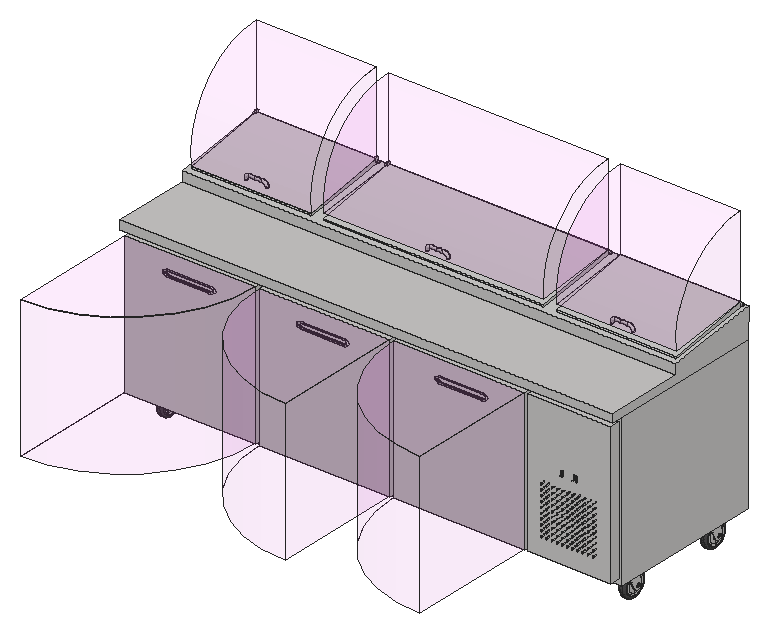
Revit family "QF_Kelvinator_738254_KCHPT92.12", category Specialty Equipment, Revit 2021 (continued)
Definition of nested family "KCHPT"
  Forms (in)
    Sweep 42, solid
      path origin (8.15263, -29.19996, 32.23218) x (0, 0, -1) y (1, 0, 0)
        loop
          line (2.82291, 34.44693) -> (2.48479, 34.98793)
          arc (2.48479, 34.98793) -> (2.38541, 35.04301) -> (2.28604, 34.98793) r 0.11719
          line (2.28604, 34.98793) -> (1.94791, 34.44693) -> (1.94791, 26.10318) -> (2.28462, 25.56446)
          arc (2.28462, 25.56446) -> (2.38541, 25.50859) -> (2.48621, 25.56446) r 0.11887
          line (2.48621, 25.56446) -> (2.82291, 26.10318) -> (2.82291, 34.44693)
      profile origin (38.42768, -29.19996, 29.40927) x (0, 0, -1) y (0, -1, 0)
        loop
          line (0, 2.8) -> (0.25, 2.8)
          arc (0.25, 2.8) -> (0.125, 2.85269) -> (0, 2.8) r 0.17461
    Sweep 43, solid
      path origin (34.65263, -29.19996, 32.23218) x (0, 0, -1) y (1, 0, 0)
        loop
          line (2.82291, 34.45318) -> (2.48479, 34.99418)
          arc (2.48479, 34.99418) -> (2.38541, 35.04926) -> (2.28604, 34.99418) r 0.11719
          line (2.28604, 34.99418) -> (1.94791, 34.45318) -> (1.94791, 26.10318) -> (2.28462, 25.56446)
          arc (2.28462, 25.56446) -> (2.38541, 25.50859) -> (2.48621, 25.56446) r 0.11887
          line (2.48621, 25.56446) -> (2.82291, 26.10318) -> (2.82291, 34.45318)
      profile origin (64.93081, -29.19996, 29.40927) x (0, 0, -1) y (0, -1, 0)
        loop
          line (0, 2.8) -> (0.25, 2.8)
          arc (0.25, 2.8) -> (0.125, 2.85269) -> (0, 2.8) r 0.17461
    Extrusion 44, void
      sketch origin (8.15263, -31.99996, 32.23218) x (0, 0, 1) y (1, 0, 0)
        loop
          line (-1.94791, 26.10318) -> (-1.94791, 34.44693) -> (-2.28604, 34.98793)
          arc (-2.28604, 34.98793) -> (-2.38541, 35.04301) -> (-2.48479, 34.98793) r 0.11719
          line (-2.48479, 34.98793) -> (-2.82291, 34.44693) -> (-2.82291, 26.10318) -> (-2.48621, 25.56446)
          arc (-2.48621, 25.56446) -> (-2.38541, 25.50859) -> (-2.28462, 25.56446) r 0.11887
          line (-2.28462, 25.56446) -> (-1.94791, 26.10318)
      from 0 to 0.31887
    Extrusion 45, void
      sketch origin (34.65263, -31.99996, 32.23218) x (0, 0, 1) y (1, 0, 0)
        loop
          line (-1.94791, 26.10318) -> (-1.94791, 34.45318) -> (-2.28604, 34.99418)
          arc (-2.28604, 34.99418) -> (-2.38541, 35.04926) -> (-2.48479, 34.99418) r 0.11719
          line (-2.48479, 34.99418) -> (-2.82291, 34.45318) -> (-2.82291, 26.10318) -> (-2.48621, 25.56446)
          arc (-2.48621, 25.56446) -> (-2.38541, 25.50859) -> (-2.28462, 25.56446) r 0.11887
          line (-2.28462, 25.56446) -> (-1.94791, 26.10318)
      from 0 to 0.31887
    Extrusion 46, solid, visible <- "Show Clearance"
      sketch origin (0.80534, 0, 0) x (0, -1, 0) y (0, 0, 1)
        loop
          line (0.74307, 40.99337) -> (16.15625, 38.30126)
          arc (16.15625, 38.30126) -> (12.72088, 51.06043) -> (0.74307, 56.63989) r 15.64652
          line (0.74307, 56.63989) -> (0.74307, 40.99337)
      from 0 to -22.9
    Extrusion 47, solid, visible <- "Show Clearance"
      sketch origin (93.39466, 0, 0) x (0, -1, 0) y (0, 0, -1)
        loop
          line (0.73136, -40.92452) -> (0.73136, -56.45206)
          arc (0.73136, -56.45206) -> (12.32408, -51.25474) -> (16.15625, -39.14203) r 15.52754
          line (16.15625, -39.14203) -> (0.73136, -40.92452)
      from 0 to -22.9
    Extrusion 48, solid, visible <- "Show Clearance"
      sketch origin (48.89284, 0, 0) x (0, -1, 0) y (0, 0, -1)
        loop
          line (0.73136, -40.92452) -> (0.73136, -56.45206)
          arc (0.73136, -56.45206) -> (12.32408, -51.25474) -> (16.15625, -39.14203) r 15.52754
          line (16.15625, -39.14203) -> (0.73136, -40.92452)
      from 19.2 to -22.9
    Extrusion 49, solid, visible <- "Show Clearance"
      sketch origin (25.64679, -30.25, 6.4809) x (0, 1, 0) y (1, 0, 0)
        loop
          arc (-1.75, 0) -> (-19.42767, -7.32233) -> (-26.75, -25) r 25
          line (-26.75, -25) -> (-1.75, -25) -> (-1.75, 0)
        loop
          line (-1.75, 25.69547) -> (-26.75, 25.69547)
          arc (-26.75, 25.69547) -> (-19.42767, 8.0178) -> (-1.75, 0.69547) r 25
          line (-1.75, 0.69547) -> (-1.75, 25.69547)
        loop
          line (-1.75, 51.39547) -> (-26.75, 51.39547)
          arc (-26.75, 51.39547) -> (-19.42767, 33.7178) -> (-1.75, 26.39547) r 25
          line (-1.75, 26.39547) -> (-1.75, 51.39547)
      from 0 to -26.9
  Cuts and joins
    joined: Extrusion 4, Extrusion 5, Revolve 6, Sweep 7
    Extrusion 11 cuts Extrusion 8
    Extrusion 12 cuts Extrusion 2
    joined: Extrusion 14, Extrusion 15, Extrusion 16, Revolve 17, Revolve 18, Sweep 19
    Extrusion 32, Extrusion 44 cuts Extrusion 28
    Extrusion 44, Extrusion 45 cuts Extrusion 34
    Extrusion 45 cuts Extrusion 38
  Lines and regions (in)
    symbolic lines
      curve 1: line (0, 0, 0) -> (0, -32.3125, 0)
      curve 2: line (0, -17.4, 0) -> (94.1875, -17.4, 0)
      curve 3: line (94.1875, -32.3125, 0) -> (94.1875, 0, 0)
      curve 4: line (94.1875, 0, 0) -> (0, 0, 0)
      curve 5: line (0, -32.3125, 0) -> (94.1875, -32.3125, 0)
      curve 6: line (0.80534, -16.65751, 0) -> (23.70534, -16.65751, 0)
      curve 7: line (0.80534, -16.15625, 0) -> (23.70534, -16.15625, 0)
      curve 8: line (0.80534, -0.97488, 0) -> (0.80534, -16.65751, 0)
      curve 9: line (23.70534, -16.65751, 0) -> (23.70534, -0.97488, 0)
      curve 10: line (0.6648, -0.93994, 0) -> (0.94588, -0.93994, 0)
      curve 11: line (0.6648, -0.88039, 0) -> (0.94588, -0.88039, 0)
      curve 12: line (0.6648, -0.58362, 0) -> (0.94588, -0.58362, 0)
      curve 13: line (0.6648, -0.48188, 0) -> (0.94588, -0.48188, 0)
      curve 14: line (0.94588, -0.97488, 0) -> (0.94588, -0.34814, 0)
      curve 15: line (0.6648, -0.34814, 0) -> (0.6648, -0.97818, 0)
      curve 16: line (23.5648, -0.73136, 0) -> (0.94588, -0.73136, 0)
      curve 17: line (0.2849, -0.62438, 0) -> (0.2849, -0.92764, 0)
      curve 18: line (0.2849, -0.92764, 0) -> (0.32057, -0.92764, 0)
      curve 19: line (0.2849, -0.62438, 0) -> (0.32057, -0.62438, 0)
      curve 20: line (0.32057, -0.57383, 0) -> (0.32057, -0.97818, 0)
      curve 21: line (0.6648, -0.97818, 0) -> (0.32057, -0.97818, 0)
      curve 22: line (0.32057, -0.57383, 0) -> (0.6648, -0.57383, 0)
      curve 23: line (0.6648, -0.97488, 0) -> (0.94588, -0.97488, 0)
      curve 24: line (23.84588, -0.93994, 0) -> (23.5648, -0.93994, 0)
      curve 25: line (23.84588, -0.88039, 0) -> (23.5648, -0.88039, 0)
      curve 26: line (23.84588, -0.58362, 0) -> (23.5648, -0.58362, 0)
      curve 27: line (23.84588, -0.48188, 0) -> (23.5648, -0.48188, 0)
      curve 28: line (23.5648, -0.97488, 0) -> (23.5648, -0.34814, 0)
      curve 29: line (23.84588, -0.34814, 0) -> (23.84588, -0.97818, 0)
      curve 30: line (24.22053, -0.62438, 0) -> (24.22053, -0.92764, 0)
      curve 31: line (24.22053, -0.92764, 0) -> (24.18485, -0.92764, 0)
      curve 32: line (24.22053, -0.62438, 0) -> (24.18485, -0.62438, 0)
      curve 33: line (24.18485, -0.57383, 0) -> (24.18485, -0.97818, 0)
      curve 34: line (23.84588, -0.97818, 0) -> (24.18485, -0.97818, 0)
      curve 35: line (24.18485, -0.57383, 0) -> (23.84588, -0.57383, 0)
      curve 36: line (23.84588, -0.97488, 0) -> (23.5648, -0.97488, 0)
      curve 37: spline (44.75969, -15.22935, 0) -> (44.7641, -15.18301, 0) -> (44.77718, -15.1383, 0) -> (44.79845, -15.0968, 0) -> (44.82718, -15.05998, 0) -> (44.86235, -15.02914, 0) -> (44.90271, -15.00535, 0) -> (44.94684, -14.98947, 0) -> (44.9932, -14.98205, 0) -> (45.04013, -14.98336, 0) -> (45.08599, -14.99334, 0) -> (45.12916, -15.01165, 0) -> (45.16811, -15.03764, 0)
      curve 38: arc (44.75969, -15.22935, 0) -> (44.84595, -15.43762, 0) -> (45.0542, -15.52388, 0) r 0.29451
      curve 39: line (47.00969, -15.07149, 0) -> (45.59878, -15.07149, 0)
      curve 40: arc (45.16811, -15.03764, 0) -> (45.38278, -15.06302, 0) -> (45.59878, -15.07149, 0) r 2.75609
      curve 41: line (47.00969, -15.57149, 0) -> (45.69306, -15.57149, 0)
      curve 42: arc (45.0542, -15.52388, 0) -> (45.37274, -15.55957, 0) -> (45.69306, -15.57149, 0) r 4.31013
      curve 43: spline (49.25968, -15.22902, 0) -> (49.25522, -15.18271, 0) -> (49.2421, -15.13805, 0) -> (49.2208, -15.0966, 0) -> (49.19205, -15.05983, 0) -> (49.15688, -15.02903, 0) -> (49.11653, -15.00529, 0) -> (49.07241, -14.98945, 0) -> (49.02607, -14.98206, 0) -> (48.97917, -14.98338, 0) -> (48.93333, -14.99336, 0) -> (48.89019, -15.01167, 0) -> (48.85126, -15.03764, 0)
      curve 44: arc (49.25968, -15.22902, 0) -> (49.17355, -15.4375, 0) -> (48.96517, -15.52388, 0) r 0.29451
      curve 45: line (47.00969, -15.07149, 0) -> (48.4206, -15.07149, 0)
      curve 46: arc (48.85126, -15.03764, 0) -> (48.63659, -15.06302, 0) -> (48.4206, -15.07149, 0) r 2.75609
      curve 47: line (47.00969, -15.57149, 0) -> (48.32631, -15.57149, 0)
      curve 48: arc (48.96517, -15.52388, 0) -> (48.64663, -15.55957, 0) -> (48.32631, -15.57149, 0) r 4.31013
      curve 49: line (0.94588, -0.71931, 0) -> (23.5648, -0.71931, 0)
      curve 50: line (23.5648, -0.54253, 0) -> (0.94588, -0.54253, 0)
      curve 51: line (0.94588, -0.44954, 0) -> (23.5648, -0.44954, 0)
      curve 52: spline (10.10052, -15.22935, 0) -> (10.10493, -15.18301, 0) -> (10.11801, -15.1383, 0) -> (10.13929, -15.0968, 0) -> (10.16801, -15.05998, 0) -> (10.20318, -15.02914, 0) -> (10.24354, -15.00535, 0) -> (10.28768, -14.98947, 0) -> (10.33403, -14.98205, 0) -> (10.38096, -14.98336, 0) -> (10.42682, -14.99334, 0) -> (10.46999, -15.01165, 0) -> (10.50895, -15.03764, 0)
      curve 53: arc (10.10052, -15.22935, 0) -> (10.18678, -15.43762, 0) -> (10.39503, -15.52388, 0) r 0.29451
      curve 54: line (12.35052, -15.07149, 0) -> (10.93961, -15.07149, 0)
      curve 55: arc (10.50895, -15.03764, 0) -> (10.72361, -15.06302, 0) -> (10.93961, -15.07149, 0) r 2.75609
      curve 56: line (12.35052, -15.57149, 0) -> (11.03389, -15.57149, 0)
      curve 57: arc (10.39503, -15.52388, 0) -> (10.71358, -15.55957, 0) -> (11.03389, -15.57149, 0) r 4.31013
      curve 58: spline (14.60051, -15.22902, 0) -> (14.59605, -15.18271, 0) -> (14.58293, -15.13805, 0) -> (14.56163, -15.0966, 0) -> (14.53288, -15.05983, 0) -> (14.49772, -15.02903, 0) -> (14.45736, -15.00529, 0) -> (14.41324, -14.98945, 0) -> (14.36691, -14.98206, 0) -> (14.32, -14.98338, 0) -> (14.27416, -14.99336, 0) -> (14.23102, -15.01167, 0) -> (14.19209, -15.03764, 0)
      curve 59: arc (14.60051, -15.22902, 0) -> (14.51438, -15.4375, 0) -> (14.306, -15.52388, 0) r 0.29451
      curve 60: line (12.35052, -15.07149, 0) -> (13.76143, -15.07149, 0)
      curve 61: arc (14.19209, -15.03764, 0) -> (13.97742, -15.06302, 0) -> (13.76143, -15.07149, 0) r 2.75609
      curve 62: line (12.35052, -15.57149, 0) -> (13.66715, -15.57149, 0)
      curve 63: arc (14.306, -15.52388, 0) -> (13.98746, -15.55957, 0) -> (13.66715, -15.57149, 0) r 4.31013
      curve 64: line (93.39466, -16.65751, 0) -> (70.49466, -16.65751, 0)
      curve 65: line (93.39466, -16.15625, 0) -> (70.49466, -16.15625, 0)
      curve 66: line (93.39466, -0.97488, 0) -> (93.39466, -16.65751, 0)
      curve 67: line (70.49466, -16.65751, 0) -> (70.49466, -0.97488, 0)
      curve 68: line (93.5352, -0.93994, 0) -> (93.25412, -0.93994, 0)
      curve 69: line (93.5352, -0.88039, 0) -> (93.25412, -0.88039, 0)
      curve 70: line (93.5352, -0.58362, 0) -> (93.25412, -0.58362, 0)
      curve 71: line (93.5352, -0.48188, 0) -> (93.25412, -0.48188, 0)
      curve 72: line (93.25412, -0.97488, 0) -> (93.25412, -0.34814, 0)
      curve 73: line (93.5352, -0.34814, 0) -> (93.5352, -0.97818, 0)
      curve 74: line (70.6352, -0.73136, 0) -> (93.25412, -0.73136, 0)
      curve 75: line (93.9026, -0.62438, 0) -> (93.9026, -0.92764, 0)
      curve 76: line (93.9026, -0.92764, 0) -> (93.86693, -0.92764, 0)
      curve 77: line (93.9026, -0.62438, 0) -> (93.86693, -0.62438, 0)
      curve 78: line (93.86693, -0.57383, 0) -> (93.86693, -0.97818, 0)
      curve 79: line (93.5352, -0.97818, 0) -> (93.86693, -0.97818, 0)
      curve 80: line (93.86693, -0.57383, 0) -> (93.5352, -0.57383, 0)
      curve 81: line (93.5352, -0.97488, 0) -> (93.25412, -0.97488, 0)
      curve 82: line (70.35412, -0.93994, 0) -> (70.6352, -0.93994, 0)
      curve 83: line (70.35412, -0.88039, 0) -> (70.6352, -0.88039, 0)
      curve 84: line (70.35412, -0.58362, 0) -> (70.6352, -0.58362, 0)
      curve 85: line (70.35412, -0.48188, 0) -> (70.6352, -0.48188, 0)
      curve 86: line (70.6352, -0.97488, 0) -> (70.6352, -0.34814, 0)
      curve 87: line (70.35412, -0.34814, 0) -> (70.35412, -0.97818, 0)
      curve 88: line (69.97947, -0.62438, 0) -> (69.97947, -0.92764, 0)
      curve 89: line (69.97947, -0.92764, 0) -> (70.01515, -0.92764, 0)
      curve 90: line (69.97947, -0.62438, 0) -> (70.01515, -0.62438, 0)
      curve 91: line (70.01515, -0.57383, 0) -> (70.01515, -0.97818, 0)
      curve 92: line (70.35412, -0.97818, 0) -> (70.01515, -0.97818, 0)
      curve 93: line (70.01515, -0.57383, 0) -> (70.35412, -0.57383, 0)
      curve 94: line (70.35412, -0.97488, 0) -> (70.6352, -0.97488, 0)
      curve 95: line (93.25412, -0.71931, 0) -> (70.6352, -0.71931, 0)
      curve 96: line (70.6352, -0.54253, 0) -> (93.25412, -0.54253, 0)
      curve 97: line (93.25412, -0.44954, 0) -> (70.6352, -0.44954, 0)
      curve 98: line (68.09284, -16.65751, 0) -> (25.99284, -16.65751, 0)
      curve 99: line (68.09284, -16.15625, 0) -> (25.99284, -16.15625, 0)
      curve 100: line (68.09284, -0.97488, 0) -> (68.09284, -16.65751, 0)
      curve 101: line (25.99284, -16.65751, 0) -> (25.99284, -0.97488, 0)
      curve 102: line (68.23338, -0.93994, 0) -> (67.9523, -0.93994, 0)
      curve 103: line (68.23338, -0.88039, 0) -> (67.9523, -0.88039, 0)
      curve 104: line (68.23338, -0.58362, 0) -> (67.9523, -0.58362, 0)
      curve 105: line (68.23338, -0.48188, 0) -> (67.9523, -0.48188, 0)
      curve 106: line (67.9523, -0.97488, 0) -> (67.9523, -0.34814, 0)
      curve 107: line (68.23338, -0.34814, 0) -> (68.23338, -0.97818, 0)
      curve 108: line (26.13338, -0.73136, 0) -> (67.9523, -0.73136, 0)
      curve 109: line (68.60803, -0.62438, 0) -> (68.60803, -0.92764, 0)
      curve 110: line (68.60803, -0.92764, 0) -> (68.57235, -0.92764, 0)
      curve 111: line (68.60803, -0.62438, 0) -> (68.57235, -0.62438, 0)
      curve 112: line (68.57235, -0.57383, 0) -> (68.57235, -0.97818, 0)
      curve 113: line (68.23338, -0.97818, 0) -> (68.57235, -0.97818, 0)
      curve 114: line (68.57235, -0.57383, 0) -> (68.23338, -0.57383, 0)
      curve 115: line (68.23338, -0.97488, 0) -> (67.9523, -0.97488, 0)
      curve 116: line (25.8523, -0.93994, 0) -> (26.13338, -0.93994, 0)
      curve 117: line (25.8523, -0.88039, 0) -> (26.13338, -0.88039, 0)
      curve 118: line (25.8523, -0.58362, 0) -> (26.13338, -0.58362, 0)
      curve 119: line (25.8523, -0.48188, 0) -> (26.13338, -0.48188, 0)
      curve 120: line (26.13338, -0.97488, 0) -> (26.13338, -0.34814, 0)
      curve 121: line (25.8523, -0.34814, 0) -> (25.8523, -0.97818, 0)
      curve 122: line (25.47766, -0.62438, 0) -> (25.47766, -0.92764, 0)
      curve 123: line (25.47766, -0.92764, 0) -> (25.51334, -0.92764, 0)
      curve 124: line (25.47766, -0.62438, 0) -> (25.51334, -0.62438, 0)
      curve 125: line (25.51334, -0.57383, 0) -> (25.51334, -0.97818, 0)
      curve 126: line (25.8523, -0.97818, 0) -> (25.51334, -0.97818, 0)
      curve 127: line (25.51334, -0.57383, 0) -> (25.8523, -0.57383, 0)
      curve 128: line (25.8523, -0.97488, 0) -> (26.13338, -0.97488, 0)
      curve 129: line (67.9523, -0.71931, 0) -> (26.13338, -0.71931, 0)
      curve 130: line (26.13338, -0.54253, 0) -> (67.9523, -0.54253, 0)
      curve 131: line (67.9523, -0.44954, 0) -> (26.13338, -0.44954, 0)
      curve 132: spline (80.09407, -15.22935, 0) -> (80.09848, -15.18301, 0) -> (80.11155, -15.1383, 0) -> (80.13283, -15.0968, 0) -> (80.16156, -15.05998, 0) -> (80.19672, -15.02914, 0) -> (80.23708, -15.00535, 0) -> (80.28122, -14.98947, 0) -> (80.32757, -14.98205, 0) -> (80.37451, -14.98336, 0) -> (80.42037, -14.99334, 0) -> (80.46353, -15.01165, 0) -> (80.50249, -15.03764, 0)
      curve 133: arc (80.09407, -15.22935, 0) -> (80.18032, -15.43762, 0) -> (80.38858, -15.52388, 0) r 0.29451
      curve 134: line (82.34406, -15.07149, 0) -> (80.93315, -15.07149, 0)
      curve 135: arc (80.50249, -15.03764, 0) -> (80.71716, -15.06302, 0) -> (80.93315, -15.07149, 0) r 2.75609
      curve 136: line (82.34406, -15.57149, 0) -> (81.02743, -15.57149, 0)
      curve 137: arc (80.38858, -15.52388, 0) -> (80.70712, -15.55957, 0) -> (81.02743, -15.57149, 0) r 4.31013
      curve 138: spline (84.59406, -15.22913, 0) -> (84.58961, -15.18281, 0) -> (84.57651, -15.13813, 0) -> (84.55521, -15.09667, 0) -> (84.52648, -15.05988, 0) -> (84.49131, -15.02907, 0) -> (84.45095, -15.00532, 0) -> (84.40682, -14.98946, 0) -> (84.36049, -14.98206, 0) -> (84.31357, -14.98337, 0) -> (84.26772, -14.99336, 0) -> (84.22457, -15.01166, 0) -> (84.18563, -15.03764, 0)
      curve 139: arc (84.59406, -15.22913, 0) -> (84.50788, -15.43754, 0) -> (84.29954, -15.52388, 0) r 0.29451
      curve 140: line (82.34406, -15.07149, 0) -> (83.75497, -15.07149, 0)
      curve 141: arc (84.18563, -15.03764, 0) -> (83.97097, -15.06302, 0) -> (83.75497, -15.07149, 0) r 2.75609
      curve 142: line (82.34406, -15.57149, 0) -> (83.66069, -15.57149, 0)
      curve 143: arc (84.29954, -15.52388, 0) -> (83.981, -15.55957, 0) -> (83.66069, -15.57149, 0) r 4.31013
      curve 150: line (93.5352, -0.34814, 0) -> (93.25412, -0.34814, 0)
      curve 151: line (70.35412, -0.34814, 0) -> (70.6352, -0.34814, 0)
      curve 152: line (67.9523, -0.34814, 0) -> (68.23338, -0.34814, 0)
      curve 153: line (25.8523, -0.34814, 0) -> (26.13338, -0.34814, 0)
      curve 154: line (23.5648, -0.34814, 0) -> (23.84588, -0.34814, 0)
      curve 155: line (0.6648, -0.34814, 0) -> (0.94588, -0.34814, 0)
    symbolic lines, visible <- "Show Clearance"
      curve 144: arc (25.64554, -32.3125, 0) -> (24.76228, -38.65364, 0) -> (22.29743, -44.5625, 0) r 25
      curve 145: line (1.0798, -32.3125, 0) -> (22.29743, -44.5625, 0)
      curve 146: arc (29.69163, -44.5625, 0) -> (27.22677, -38.65364, 0) -> (26.34351, -32.3125, 0) r 25
      curve 147: line (29.69163, -44.5625, 0) -> (50.90925, -32.3125, 0)
      curve 148: arc (55.39163, -44.5625, 0) -> (52.92677, -38.65364, 0) -> (52.04351, -32.3125, 0) r 25
      curve 149: line (55.39163, -44.5625, 0) -> (76.60925, -32.3125, 0)
  Dimensions and locks (in)
    equal spacing: plane 3 "LEFT", plane 7 "Center Y", plane 4 "RIGHT"
    "Length": plane 3 "LEFT" to plane 4 "RIGHT"
    equal spacing: plane 5 "FRONT", plane 8 "Center X", plane 1 "BACK"
    "Depth": plane 5 "FRONT" to plane 1 "BACK"
    "Height": plane 6 "TOP" to level
    plane 5 "FRONT" to plane 1 "BACK" = 32 5/16"
    plane 9 to plane 1 "BACK" = 17.4"
    plane 10 to plane 11 = 28.3"
    plane 12 to plane 10 = 5.9"
    plane 6 "TOP" to plane 11 = 35.27917"
    plane 13 to plane 10 = 1.6"
    level to plane 14 = 5 1/2"
    plane 16 to plane 15 = 26.8"
    locked: plane 19 to plane 17 at 42.1
    Extrusion 22 to Extrusion 22 = 22.9"
    plane 3 "LEFT" to plane 4 "RIGHT" = 94 3/16"
    aligned and locked: level to plane 2
    aligned and locked: Extrusion 13 to Extrusion 1
    aligned and locked: Extrusion 1 to plane 4 "RIGHT"
    aligned and locked: Extrusion 3 to plane 4 "RIGHT"
    aligned and locked: cut or joined group of Extrusion 14, Extrusion 15, Extrusion 16, Revolve 17, Revolve 18, Sweep 19 to plane 18
    aligned and locked: cut or joined group of Extrusion 4, Extrusion 5, Revolve 6, Sweep 7 to plane 17
  Automatic sketch dimensions
    Extrusion 3 sketch curve to plane 5 "FRONT" = 0"
    Extrusion 3 sketch curve to plane 9 = 0"
    Extrusion 3 sketch curve to plane 1 "BACK" = 0"
    Extrusion 3 sketch curve to plane 10 = 0"
    Extrusion 3 sketch curve to plane 13 = 0"
    Extrusion 3 sketch curve to plane 12 = 0"
    Extrusion 3 sketch curve to Extrusion 3 sketch curve = 2"
    Extrusion 4 sketch curve to plane 8 "Center X" = 0"
    Extrusion 4 sketch curve to plane 8 "Center X" = 0.50126"
    Extrusion 4 sketch curve to plane 6 "TOP" = 0.38798"
    plane 1 "BACK" to Extrusion 4 sketch curve = 0.73136"
    Extrusion 4 sketch curve to plane 12 = 0.07935"
    plane 1 "BACK" to Extrusion 4 sketch curve = 0.60032"
    Extrusion 5 sketch curve to plane 6 "TOP" = 0"
    Extrusion 5 sketch curve to plane 6 "TOP" = 0.4535"
    plane 1 "BACK" to Extrusion 5 sketch curve = 0.97488"
    Extrusion 5 sketch curve to Extrusion 5 sketch curve = 0.03494"
    Extrusion 5 sketch curve to plane 6 "TOP" = 0.10315"
    Extrusion 5 sketch curve to Extrusion 5 sketch curve = 0.05955"
    Extrusion 5 sketch curve to plane 12 = 0.14487"
    plane 1 "BACK" to Extrusion 5 sketch curve = 0.84383"
    Extrusion 5 sketch curve to Extrusion 5 sketch curve = 0.24784"
    Extrusion 5 sketch curve to plane 6 "TOP" = 0.30034"
    Extrusion 5 sketch curve to Extrusion 5 sketch curve = 0.03226"
    Extrusion 5 sketch curve to plane 6 "TOP" = 0.26026"
    Extrusion 5 sketch curve to Extrusion 5 sketch curve = 0.04008"
    Extrusion 5 sketch curve to Extrusion 5 sketch curve = 0.05475"
    Extrusion 5 sketch curve to plane 6 "TOP" = 0.25129"
    Extrusion 5 sketch curve to Extrusion 5 sketch curve = 0.03347"
    Extrusion 5 sketch curve to plane 6 "TOP" = 0.06671"
    Extrusion 5 sketch curve to Extrusion 5 sketch curve = 0.0376"
    Extrusion 5 sketch curve to plane 6 "TOP" = 0.16845"
    Extrusion 5 sketch curve to Extrusion 5 sketch curve = 0.10174"
    Extrusion 5 sketch curve to plane 12 = 0.07935"
    Extrusion 5 sketch curve to plane 6 "TOP" = 0.45216"
    Extrusion 5 sketch curve to Extrusion 5 sketch curve = 0.12039"
    Sweep 7 sketch curve to plane 7 "Center Y" = 0.08824"
    Sweep 7 sketch curve to Sweep 7 sketch curve = 3/4"  (x2)
    Sweep 7 sketch curve to Sweep 7 sketch curve = 1 1/4"
    plane 7 "Center Y" to Sweep 7 sketch curve = 1.16176"
    Sweep 7 sketch curve to Sweep 7 sketch curve = 3/16"  (x2)
    profile plane to Sweep 7 sketch curve = 0"  (x2)
    Extrusion 14 sketch curve to plane 8 "Center X" = 0"
    Extrusion 14 sketch curve to plane 8 "Center X" = 0.50126"
    Extrusion 14 sketch curve to plane 6 "TOP" = 0.38798"
    plane 1 "BACK" to Extrusion 14 sketch curve = 0.73136"
    Extrusion 14 sketch curve to plane 12 = 0.07935"
    plane 1 "BACK" to Extrusion 14 sketch curve = 0.60032"
    Extrusion 15 sketch curve to plane 6 "TOP" = 0"
    Extrusion 15 sketch curve to plane 6 "TOP" = 0.4535"
    plane 1 "BACK" to Extrusion 15 sketch curve = 0.97488"
    Extrusion 15 sketch curve to Extrusion 15 sketch curve = 0.03494"
    Extrusion 15 sketch curve to plane 6 "TOP" = 0.10315"
    Extrusion 15 sketch curve to Extrusion 15 sketch curve = 0.05955"
    Extrusion 15 sketch curve to plane 12 = 0.14487"
    plane 1 "BACK" to Extrusion 15 sketch curve = 0.84383"
    Extrusion 15 sketch curve to Extrusion 15 sketch curve = 0.24784"
    Extrusion 15 sketch curve to plane 6 "TOP" = 0.30034"
    Extrusion 15 sketch curve to Extrusion 15 sketch curve = 0.03226"
    Extrusion 15 sketch curve to plane 6 "TOP" = 0.26026"
    Extrusion 15 sketch curve to Extrusion 15 sketch curve = 0.04008"
    Extrusion 15 sketch curve to Extrusion 15 sketch curve = 0.01467"
    Extrusion 15 sketch curve to plane 6 "TOP" = 0.25129"
    Extrusion 15 sketch curve to Extrusion 15 sketch curve = 0.03347"
    Extrusion 15 sketch curve to plane 6 "TOP" = 0.06671"
    Extrusion 15 sketch curve to Extrusion 15 sketch curve = 0.0376"
    Extrusion 15 sketch curve to plane 6 "TOP" = 0.16845"
    Extrusion 15 sketch curve to Extrusion 15 sketch curve = 0.10174"
    Extrusion 15 sketch curve to plane 12 = 0.07935"
    Extrusion 15 sketch curve to plane 6 "TOP" = 0.45216"
    Extrusion 15 sketch curve to Extrusion 15 sketch curve = 0.12039"
    Extrusion 16 sketch curve to plane 6 "TOP" = 0"
    Extrusion 16 sketch curve to plane 6 "TOP" = 0.4535"
    plane 1 "BACK" to Extrusion 16 sketch curve = 0.97488"
    Extrusion 16 sketch curve to Extrusion 16 sketch curve = 0.03494"
    Extrusion 16 sketch curve to plane 6 "TOP" = 0.10315"
    Extrusion 16 sketch curve to Extrusion 16 sketch curve = 0.05955"
    Extrusion 16 sketch curve to plane 12 = 0.14487"
    plane 1 "BACK" to Extrusion 16 sketch curve = 0.84383"
    Extrusion 16 sketch curve to Extrusion 16 sketch curve = 0.24784"
    Extrusion 16 sketch curve to plane 6 "TOP" = 0.30034"
    Extrusion 16 sketch curve to Extrusion 16 sketch curve = 0.03226"
    Extrusion 16 sketch curve to plane 6 "TOP" = 0.26026"
    Extrusion 16 sketch curve to Extrusion 16 sketch curve = 0.04008"
    Extrusion 16 sketch curve to Extrusion 16 sketch curve = 0.01467"
    Extrusion 16 sketch curve to plane 6 "TOP" = 0.25129"
    Extrusion 16 sketch curve to Extrusion 16 sketch curve = 0.03347"
    Extrusion 16 sketch curve to plane 6 "TOP" = 0.06671"
    Extrusion 16 sketch curve to Extrusion 16 sketch curve = 0.0376"
    Extrusion 16 sketch curve to plane 6 "TOP" = 0.16845"
    Extrusion 16 sketch curve to Extrusion 16 sketch curve = 0.10174"
    Extrusion 16 sketch curve to plane 12 = 0.07935"
    Extrusion 16 sketch curve to plane 6 "TOP" = 0.45216"
    Extrusion 16 sketch curve to Extrusion 16 sketch curve = 0.12039"
    Extrusion 20 sketch curve to plane 6 "TOP" = 0"
    Extrusion 20 sketch curve to plane 6 "TOP" = 0.4535"
    plane 1 "BACK" to Extrusion 20 sketch curve = 0.97488"
    Extrusion 20 sketch curve to Extrusion 20 sketch curve = 0.03494"
    Extrusion 20 sketch curve to plane 6 "TOP" = 0.10315"
    Extrusion 20 sketch curve to Extrusion 20 sketch curve = 0.05955"
    Extrusion 20 sketch curve to plane 12 = 0.14487"
    plane 1 "BACK" to Extrusion 20 sketch curve = 0.84383"
    Extrusion 20 sketch curve to Extrusion 20 sketch curve = 0.24784"
    Extrusion 20 sketch curve to plane 6 "TOP" = 0.30034"
    Extrusion 20 sketch curve to Extrusion 20 sketch curve = 0.03226"
    Extrusion 20 sketch curve to plane 6 "TOP" = 0.26026"
    Extrusion 20 sketch curve to Extrusion 20 sketch curve = 0.04008"
    Extrusion 20 sketch curve to Extrusion 20 sketch curve = 0.05475"
    Extrusion 20 sketch curve to plane 6 "TOP" = 0.25129"
    Extrusion 20 sketch curve to Extrusion 20 sketch curve = 0.03347"
    Extrusion 20 sketch curve to plane 6 "TOP" = 0.06671"
    Extrusion 20 sketch curve to Extrusion 20 sketch curve = 0.0376"
    Extrusion 20 sketch curve to plane 6 "TOP" = 0.16845"
    Extrusion 20 sketch curve to Extrusion 20 sketch curve = 0.10174"
    Extrusion 20 sketch curve to plane 12 = 0.07935"
    Extrusion 20 sketch curve to plane 6 "TOP" = 0.45216"
    Extrusion 20 sketch curve to Extrusion 20 sketch curve = 0.12039"
    Revolve 21 sketch curve to plane 6 "TOP" = 67/128"
    Revolve 21 sketch curve to Revolve 21 sketch curve = 0.05054"
    Revolve 21 sketch curve to Revolve 21 sketch curve = 0.15163"
    plane 19 to Revolve 21 sketch curve = 0.51518"
    Revolve 21 sketch curve to Revolve 21 sketch curve = 0.03568"
    plane 19 to Revolve 21 sketch curve = 0.14054"
    Revolve 21 sketch curve to Revolve 21 sketch curve = 0"
    Revolve 21 sketch curve to Revolve 21 sketch curve = 0.18136"
    Revolve 21 sketch curve to Revolve 21 sketch curve = 0.00526"
    Extrusion 22 sketch curve to plane 8 "Center X" = 0"
    Extrusion 22 sketch curve to plane 8 "Center X" = 0.50126"
    Extrusion 22 sketch curve to plane 6 "TOP" = 0.38798"
    plane 1 "BACK" to Extrusion 22 sketch curve = 0.73136"
    Extrusion 22 sketch curve to plane 12 = 0.07935"
    plane 1 "BACK" to Extrusion 22 sketch curve = 0.60032"
    Extrusion 23 sketch curve to plane 6 "TOP" = 0"
    Extrusion 23 sketch curve to plane 6 "TOP" = 0.4535"
    plane 1 "BACK" to Extrusion 23 sketch curve = 0.97488"
    Extrusion 23 sketch curve to Extrusion 23 sketch curve = 0.03494"
    Extrusion 23 sketch curve to plane 6 "TOP" = 0.10315"
    Extrusion 23 sketch curve to Extrusion 23 sketch curve = 0.05955"
    Extrusion 23 sketch curve to plane 12 = 0.14487"
    plane 1 "BACK" to Extrusion 23 sketch curve = 0.84383"
    Extrusion 23 sketch curve to Extrusion 23 sketch curve = 0.24784"
    Extrusion 23 sketch curve to plane 6 "TOP" = 0.30034"
    Extrusion 23 sketch curve to Extrusion 23 sketch curve = 0.03226"
    Extrusion 23 sketch curve to plane 6 "TOP" = 0.26026"
    Extrusion 23 sketch curve to Extrusion 23 sketch curve = 0.04008"
    Extrusion 23 sketch curve to Extrusion 23 sketch curve = 0.05475"
    Extrusion 23 sketch curve to plane 6 "TOP" = 0.25129"
    Extrusion 23 sketch curve to Extrusion 23 sketch curve = 0.03347"
    Extrusion 23 sketch curve to plane 6 "TOP" = 0.06671"
    Extrusion 23 sketch curve to Extrusion 23 sketch curve = 0.0376"
    Extrusion 23 sketch curve to plane 6 "TOP" = 0.16845"
    Extrusion 23 sketch curve to Extrusion 23 sketch curve = 0.10174"
    Extrusion 23 sketch curve to plane 12 = 0.07935"
    Extrusion 23 sketch curve to plane 6 "TOP" = 0.45216"
    Extrusion 23 sketch curve to Extrusion 23 sketch curve = 0.12039"
    Extrusion 24 sketch curve to plane 6 "TOP" = 0"
    Extrusion 24 sketch curve to plane 6 "TOP" = 0.4535"
    plane 1 "BACK" to Extrusion 24 sketch curve = 0.97488"
    Extrusion 24 sketch curve to Extrusion 24 sketch curve = 0.03494"
    Extrusion 24 sketch curve to plane 6 "TOP" = 0.10315"
    Extrusion 24 sketch curve to Extrusion 24 sketch curve = 0.05955"
    Extrusion 24 sketch curve to plane 12 = 0.14487"
    plane 1 "BACK" to Extrusion 24 sketch curve = 0.84383"
    Extrusion 24 sketch curve to Extrusion 24 sketch curve = 0.24784"
    Extrusion 24 sketch curve to plane 6 "TOP" = 0.30034"
    Extrusion 24 sketch curve to Extrusion 24 sketch curve = 0.03226"
    Extrusion 24 sketch curve to plane 6 "TOP" = 0.26026"
    Extrusion 24 sketch curve to Extrusion 24 sketch curve = 0.04008"
    Extrusion 24 sketch curve to Extrusion 24 sketch curve = 0.01467"
    Extrusion 24 sketch curve to plane 6 "TOP" = 0.25129"
    Extrusion 24 sketch curve to Extrusion 24 sketch curve = 0.03347"
    Extrusion 24 sketch curve to plane 6 "TOP" = 0.06671"
    Extrusion 24 sketch curve to Extrusion 24 sketch curve = 0.0376"
    Extrusion 24 sketch curve to plane 6 "TOP" = 0.16845"
    Extrusion 24 sketch curve to Extrusion 24 sketch curve = 0.10174"
    Extrusion 24 sketch curve to plane 12 = 0.07935"
    Extrusion 24 sketch curve to plane 6 "TOP" = 0.45216"
    Extrusion 24 sketch curve to Extrusion 24 sketch curve = 0.12039"
    Revolve 25 sketch curve to plane 6 "TOP" = 67/128"
    Revolve 25 sketch curve to Revolve 25 sketch curve = 0.05054"
    Revolve 25 sketch curve to Revolve 25 sketch curve = 0.15163"
    plane 3 "LEFT" to Revolve 25 sketch curve = 0.2849"
    Revolve 25 sketch curve to Revolve 25 sketch curve = 0.03568"
    Revolve 25 sketch curve to Revolve 25 sketch curve = 0.34423"
    Revolve 25 sketch curve to Revolve 25 sketch curve = 0"  (x2)
    plane 3 "LEFT" to Revolve 25 sketch curve = 0.10353"
    Revolve 26 sketch curve to plane 6 "TOP" = 67/128"
    Revolve 26 sketch curve to Revolve 26 sketch curve = 0.05054"
    Revolve 26 sketch curve to Revolve 26 sketch curve = 0.15163"
    plane 19 to Revolve 26 sketch curve = 2.14617"
    Revolve 26 sketch curve to Revolve 26 sketch curve = 0.33817"
    Revolve 26 sketch curve to Revolve 26 sketch curve = 0.03568"
    Revolve 26 sketch curve to Revolve 26 sketch curve = 0"
    Revolve 26 sketch curve to Revolve 26 sketch curve = 0.00606"
    Revolve 26 sketch curve to Revolve 26 sketch curve = 0.18136"
    plane 3 "LEFT" to Sweep 27 sketch curve = 12.35482"
    Sweep 27 sketch curve to Sweep 27 sketch curve = 3/4"  (x2)
    Sweep 27 sketch curve to Sweep 27 sketch curve = 1 1/4"  (x2)
    Sweep 27 sketch curve to Sweep 27 sketch curve = 3/16"  (x2)
    profile plane to Sweep 27 sketch curve = 0"  (x2)
    plane 15 to Extrusion 28 sketch curve = 0.20244"
    plane 16 to Extrusion 28 sketch curve = 0.30244"
    plane 3 "LEFT" to Extrusion 28 sketch curve = 0.64679"
    plane 19 to Extrusion 28 sketch curve = 0.34605"
    Extrusion 29 sketch curve to plane 16 = 0"
    plane 15 to Extrusion 29 sketch curve = 0.55"
    Extrusion 29 sketch curve to plane 5 "FRONT" = 1.38811"
    Extrusion 29 sketch curve to Extrusion 29 sketch curve = 1/4"
    Extrusion 30 sketch curve to plane 16 = 0"
    plane 15 to Extrusion 30 sketch curve = 0.55"
    Extrusion 30 sketch curve to plane 5 "FRONT" = 1.63811"
    Extrusion 30 sketch curve to Extrusion 30 sketch curve = 0.2269"
    Extrusion 31 sketch curve to plane 16 = 0"
    plane 15 to Extrusion 31 sketch curve = 0.55"
    Extrusion 31 sketch curve to plane 5 "FRONT" = 1.86501"
    Extrusion 31 sketch curve to Extrusion 31 sketch curve = 0.13499"
    plane 15 to Extrusion 32 sketch curve = 4.17406"
    Extrusion 32 sketch curve to Extrusion 32 sketch curve = 0.3367"
    Extrusion 32 sketch curve to Extrusion 32 sketch curve = 0.33813"  (x2)
    Extrusion 32 sketch curve to Extrusion 32 sketch curve = 0.09937"  (x2)
    Extrusion 32 sketch curve to Extrusion 32 sketch curve = 0.1008"  (x2)
    plane 3 "LEFT" to Extrusion 32 sketch curve = 8.21709"
    Extrusion 32 sketch curve to Extrusion 32 sketch curve = 0.063"
    Extrusion 32 sketch curve to Extrusion 32 sketch curve = 0.53872"  (x2)
    Extrusion 32 sketch curve to Extrusion 32 sketch curve = 8.35"
    Extrusion 32 sketch curve to Extrusion 32 sketch curve = 0"
    Extrusion 32 sketch curve to Extrusion 32 sketch curve = 0.47889"
    Extrusion 32 sketch curve to Extrusion 32 sketch curve = 0.06211"
    plane 15 to Sweep 33 sketch curve = 3.29906"
    Sweep 33 sketch curve to Sweep 33 sketch curve = 0.3367"
    Sweep 33 sketch curve to Sweep 33 sketch curve = 0.33813"  (x2)
    Sweep 33 sketch curve to Sweep 33 sketch curve = 0.09937"  (x2)
    Sweep 33 sketch curve to Sweep 33 sketch curve = 0.1008"  (x2)
    plane 3 "LEFT" to Sweep 33 sketch curve = 8.21709"
    Sweep 33 sketch curve to Sweep 33 sketch curve = 0.063"
    Sweep 33 sketch curve to Sweep 33 sketch curve = 0.53872"  (x2)
    Sweep 33 sketch curve to Sweep 33 sketch curve = 8.35"
    Sweep 33 sketch curve to Sweep 33 sketch curve = 0"
    Sweep 33 sketch curve to Sweep 33 sketch curve = 0.47889"
    Sweep 33 sketch curve to Sweep 33 sketch curve = 0.06211"
    Sweep 33 sketch curve to profile plane = 0"
    Sweep 33 sketch curve to profile plane = 1/8"
    profile plane to Sweep 33 sketch curve = 2.67809"
    Sweep 33 sketch curve to Sweep 33 sketch curve = 0.12191"
    plane 15 to Extrusion 34 sketch curve = 0.20244"
    plane 16 to Extrusion 34 sketch curve = 0.30244"
    Extrusion 34 sketch curve to plane 19 = 0.34942"
    plane 20 to Extrusion 34 sketch curve = 1.26632"
    plane 16 to Extrusion 35 sketch curve = 0"
    plane 15 to Extrusion 35 sketch curve = 0.55"
    Extrusion 35 sketch curve to plane 5 "FRONT" = 1.38811"
    Extrusion 35 sketch curve to Extrusion 35 sketch curve = 1/4"
    plane 16 to Extrusion 36 sketch curve = 0"
    plane 15 to Extrusion 36 sketch curve = 0.55"
    Extrusion 36 sketch curve to plane 5 "FRONT" = 1.63811"
    Extrusion 36 sketch curve to Extrusion 36 sketch curve = 0.2269"
    plane 16 to Extrusion 37 sketch curve = 0"
    plane 15 to Extrusion 37 sketch curve = 0.55"
    Extrusion 37 sketch curve to plane 5 "FRONT" = 1.86501"
    Extrusion 37 sketch curve to Extrusion 37 sketch curve = 0.13499"
    plane 16 to Extrusion 39 sketch curve = 0"
    plane 15 to Extrusion 39 sketch curve = 0.55"
    Extrusion 39 sketch curve to plane 5 "FRONT" = 1.38811"
    Extrusion 39 sketch curve to Extrusion 39 sketch curve = 1/4"
    plane 16 to Extrusion 40 sketch curve = 0"
    plane 15 to Extrusion 40 sketch curve = 0.55"
    Extrusion 40 sketch curve to plane 5 "FRONT" = 1.63811"
    Extrusion 40 sketch curve to Extrusion 40 sketch curve = 0.2269"
    plane 16 to Extrusion 41 sketch curve = 0"
    plane 15 to Extrusion 41 sketch curve = 0.55"
    Extrusion 41 sketch curve to plane 5 "FRONT" = 1.86501"
    Extrusion 41 sketch curve to Extrusion 41 sketch curve = 0.13499"
    plane 15 to Sweep 42 sketch curve = 3.29906"
    Sweep 42 sketch curve to Sweep 42 sketch curve = 0.3367"
    Sweep 42 sketch curve to Sweep 42 sketch curve = 0.33813"  (x2)
    Sweep 42 sketch curve to Sweep 42 sketch curve = 0.09937"  (x2)
    Sweep 42 sketch curve to Sweep 42 sketch curve = 0.1008"  (x2)
    Sweep 42 sketch curve to plane 19 = 7.72424"
    Sweep 42 sketch curve to Sweep 42 sketch curve = 0.063"
    Sweep 42 sketch curve to Sweep 42 sketch curve = 0.53872"  (x2)
    Sweep 42 sketch curve to plane 7 "Center Y" = 4.49419"
    Sweep 42 sketch curve to Sweep 42 sketch curve = 0"
    Sweep 42 sketch curve to Sweep 42 sketch curve = 0.47889"
    Sweep 42 sketch curve to Sweep 42 sketch curve = 0.06211"
    Sweep 42 sketch curve to profile plane = 0"
    Sweep 42 sketch curve to profile plane = 1/8"
    profile plane to Sweep 42 sketch curve = 2.67809"
    Sweep 42 sketch curve to Sweep 42 sketch curve = 0.12191"
    plane 15 to Extrusion 44 sketch curve = 4.17406"
    Extrusion 44 sketch curve to Extrusion 44 sketch curve = 0.3367"
    Extrusion 44 sketch curve to Extrusion 44 sketch curve = 0.33813"  (x2)
    Extrusion 44 sketch curve to Extrusion 44 sketch curve = 0.09937"  (x2)
    Extrusion 44 sketch curve to Extrusion 44 sketch curve = 0.1008"  (x2)
    Extrusion 44 sketch curve to plane 19 = 7.72424"
    Extrusion 44 sketch curve to Extrusion 44 sketch curve = 0.063"
    Extrusion 44 sketch curve to Extrusion 44 sketch curve = 0.53872"  (x2)
    Extrusion 44 sketch curve to plane 7 "Center Y" = 4.49419"
    Extrusion 44 sketch curve to Extrusion 44 sketch curve = 0"
    Extrusion 44 sketch curve to Extrusion 44 sketch curve = 0.47889"
    Extrusion 44 sketch curve to Extrusion 44 sketch curve = 0.06211"
    Extrusion 46 sketch curve to Extrusion 22 = 0"  (x4)
    Extrusion 22 to Extrusion 46 sketch curve = 0.06984"
    Extrusion 47 sketch curve to plane 8 "Center X" = 0"
    plane 1 "BACK" to Extrusion 47 sketch curve = 0.73136"
    plane 6 "TOP" to Extrusion 47 sketch curve = 15.13956"
    Extrusion 47 sketch curve to plane 6 "TOP" = 0.38798"
    Extrusion 47 sketch curve to Extrusion 47 sketch curve = 0"
    Extrusion 48 sketch curve to plane 8 "Center X" = 0"
    plane 1 "BACK" to Extrusion 48 sketch curve = 0.73136"
    plane 6 "TOP" to Extrusion 48 sketch curve = 15.13956"
    Extrusion 48 sketch curve to plane 6 "TOP" = 0.38798"
    Extrusion 48 sketch curve to Extrusion 48 sketch curve = 0"
    Extrusion 49 sketch curve to Extrusion 28 = 0"  (x3)
    Extrusion 28 to Extrusion 49 sketch curve = 0"  (x2)
    Extrusion 28 to Extrusion 49 sketch curve = 25"  (x2)
    Extrusion 49 sketch curve to Extrusion 28 = 0.69547"
    Extrusion 49 sketch curve to Extrusion 49 sketch curve = 0.7"
    curve 1 to plane 3 "LEFT" = 0"
    curve 7 to plane 8 "Center X" = 0"
    plane 5 "FRONT" to curve 145 = 0"
    curve 101 to plane 19 = 0"
    curve 99 to plane 8 "Center X" = 0"
    curve 67 to plane 18 = 0"
    plane 1 "BACK" to curve 4 = 0"
    curve 4 to plane 4 "RIGHT" = 0"
    curve 2 to plane 9 = 0"
    plane 8 "Center X" to curve 65 = 0"
    plane 3 "LEFT" to curve 19 = 0.2849"
    curve 17 to curve 20 = 0.03568"
    plane 3 "LEFT" to curve 144 = 0.64679"
    curve 20 to curve 21 = 0.34423"
    plane 3 "LEFT" to curve 8 = 0.80534"
    curve 8 to curve 23 = 0.14054"
    plane 8 "Center X" to curve 53 = 0.92688"
    curve 7 to curve 53 = 9.58969"
    curve 53 to curve 54 = 0.54457"
    curve 54 to curve 56 = 0.09428"
    curve 57 to curve 60 = 1.31663"
    curve 62 to curve 54 = 0"
    curve 57 to curve 63 = 2.63326"
    curve 63 to curve 60 = 0.09428"
    curve 60 to curve 59 = 0.54457"
    plane 19 to curve 145 = 3.69542"
    plane 1 "BACK" to curve 28 = 0.34814"
    plane 19 to curve 28 = 2.42804"
    curve 9 to plane 8 "Center X" = 0.50126"
    plane 19 to curve 9 = 2.2875"
    curve 9 to curve 34 = 0.14054"
    curve 29 to curve 33 = 0.33897"
    curve 32 to curve 32 = 0.03568"
    plane 19 to curve 122 = 0.51518"
    curve 122 to curve 126 = 0.03568"
    plane 19 to curve 153 = 0.14054"
    curve 101 to curve 120 = 0.14054"
    curve 147 to plane 19 = 3.69879"
    plane 8 "Center X" to curve 38 = 0.92688"
    curve 38 to plane 7 "Center Y" = 2.03955"
    curve 40 to plane 7 "Center Y" = 1.49497"
    curve 40 to curve 42 = 0.09428"
    curve 47 to plane 7 "Center Y" = 0.08406"
    curve 39 to plane 7 "Center Y" = 0.08406"
    plane 8 "Center X" to curve 47 = 0.58476"
    plane 7 "Center Y" to curve 47 = 1.23256"
    curve 48 to curve 46 = 0.09428"
    curve 45 to curve 44 = 0.54457"
    curve 146 to plane 5 "FRONT" = 1/4"
    plane 20 to curve 146 = 1.26632"
    curve 149 to plane 20 = 2.78305"
    plane 17 to curve 152 = 0.14054"
    plane 17 to curve 100 = 0"
    curve 107 to plane 17 = 0.14054"
    curve 107 to curve 113 = 0.33897"
    curve 111 to curve 109 = 0.03568"
    curve 88 to plane 18 = 0.51518"
    curve 88 to curve 92 = 0.03568"
    curve 151 to plane 18 = 0.14054"
    plane 18 to curve 151 = 0.14054"
    curve 148 to plane 5 "FRONT" = 1/4"
    plane 18 to curve 148 = 6.54761"
    plane 8 "Center X" to curve 133 = 0.92688"
    plane 18 to curve 133 = 9.89392"
    curve 133 to curve 134 = 0.54457"
    curve 135 to curve 137 = 0.09428"
    plane 8 "Center X" to curve 142 = 0.58476"
    curve 137 to curve 142 = 1.31663"
    curve 140 to curve 136 = 0"
    curve 136 to curve 142 = 1.31663"
    curve 143 to curve 141 = 0.09428"
    curve 141 to curve 139 = 0.54457"
    curve 72 to curve 66 = 0.14054"
    plane 4 "RIGHT" to curve 78 = 0.32057"
    curve 77 to curve 75 = 0.03568"
    plane 5 "FRONT" to curve 149 = 12 1/4"
    plane 5 "FRONT" to curve 145 = 12 1/4"
    curve 144 to curve 147 = 0"
    curve 144 to plane 5 "FRONT" = 1/4"
    curve 98 to plane 8 "Center X" = 0.50126"
    curve 67 to plane 8 "Center X" = 0.50126"
    plane 8 "Center X" to curve 62 = 0.58476"
    curve 48 to curve 44 = 0.34212"
    curve 63 to curve 59 = 0.34212"
    curve 143 to curve 139 = 0.34212"
    curve 136 to curve 140 = 1/2"
    curve 48 to curve 45 = 1/2"
    curve 56 to curve 60 = 1/2"
    curve 39 to curve 40 = 2.75609"
    curve 140 to curve 141 = 2.75609"
    curve 61 to curve 61 = 2.75609"
    curve 134 to curve 135 = 2.75609"
    curve 55 to curve 55 = 2.75609"
    curve 46 to curve 46 = 2.75609"
    curve 61 to curve 63 = 1.05403"
    curve 40 to curve 42 = 1.05403"
    curve 55 to curve 57 = 1.05403"
    curve 46 to curve 48 = 1.05403"
    curve 135 to curve 137 = 1.05403"
    curve 141 to curve 143 = 1.05403"
    curve 34 to curve 29 = 0.63004"
    plane 1 "BACK" to curve 121 = 0.97818"
    plane 1 "BACK" to curve 113 = 0.97818"
    plane 1 "BACK" to curve 15 = 0.97818"
    plane 1 "BACK" to curve 92 = 0.97818"
    plane 1 "BACK" to curve 79 = 0.97818"
    curve 107 to curve 106 = 0.00331"
    curve 15 to curve 14 = 0.00331"
    curve 87 to curve 94 = 0.00331"
    curve 73 to curve 72 = 0.00331"
    curve 121 to curve 120 = 0.00331"
    curve 29 to curve 36 = 0.00331"
    curve 125 to curve 122 = 0.05054"
    curve 20 to curve 18 = 0.05054"
    curve 112 to curve 110 = 0.05054"
    curve 91 to curve 89 = 0.05054"
    curve 78 to curve 76 = 0.05054"
    curve 33 to curve 30 = 0.05054"
    curve 30 to curve 32 = 0.30326"
    curve 17 to curve 17 = 0.30326"
    curve 109 to curve 109 = 0.30326"
    curve 75 to curve 77 = 0.30326"
    curve 122 to curve 124 = 0.30326"
    curve 88 to curve 88 = 0.30326"
    curve 124 to curve 127 = 0.05054"
    curve 19 to curve 22 = 0.05054"
    curve 90 to curve 93 = 0.05054"
    curve 77 to curve 78 = 0.05054"
    curve 111 to curve 114 = 0.05054"
    curve 32 to curve 35 = 0.05054"
    plane 1 "BACK" to curve 14 = 0.34814"
    plane 1 "BACK" to curve 86 = 0.34814"
    plane 1 "BACK" to curve 120 = 0.34814"
    plane 1 "BACK" to curve 72 = 0.34814"
    curve 114 to curve 107 = 0.22569"
    curve 144 to curve 145 = 0.43301"
    curve 52 to curve 53 = 0.04452"
    curve 53 to curve 55 = 0.11391"
    curve 61 to curve 59 = 0.11391"
    curve 59 to curve 58 = 0.04452"
    curve 58 to curve 59 = 1/4"
    curve 59 to curve 58 = 0"
    curve 37 to curve 38 = 0.04452"
    curve 38 to curve 37 = 0.11391"
    curve 43 to curve 44 = 0.11391"
    curve 44 to curve 43 = 0.04452"
    curve 43 to curve 44 = 1/4"
    curve 44 to curve 43 = 0"
    curve 147 to curve 146 = 0.43301"
    curve 149 to curve 148 = 0.43301"
    curve 132 to curve 133 = 0.04452"
    curve 133 to curve 135 = 0.11391"
    curve 141 to curve 139 = 0.11391"
    curve 139 to curve 138 = 0.04452"
    curve 138 to curve 139 = 1/4"
    curve 139 to curve 138 = 0"
    curve 53 to curve 52 = 0"
    curve 38 to curve 37 = 0"
    curve 133 to curve 132 = 0"
    curve 37 to curve 38 = 0"
    curve 52 to curve 52 = 0"
    curve 132 to curve 132 = 0"
    curve 81 to curve 68 = 0.03494"
    curve 28 to curve 24 = 0.03494"
    curve 86 to curve 82 = 0.03494"
    curve 115 to curve 102 = 0.03494"
    curve 14 to curve 10 = 0.03494"
    curve 128 to curve 116 = 0.03494"
    curve 68 to curve 69 = 0.05955"
    curve 10 to curve 11 = 0.05955"
    curve 116 to curve 117 = 0.05955"
    curve 102 to curve 103 = 0.05955"
    curve 82 to curve 83 = 0.05955"
    curve 24 to curve 25 = 0.05955"
    curve 11 to curve 16 = 0.14902"
    curve 69 to curve 74 = 0.14902"
    curve 117 to curve 108 = 0.14902"
    curve 74 to curve 95 = 0.01206"
    curve 108 to curve 129 = 0.01206"
    curve 16 to curve 49 = 0.01206"
    curve 26 to curve 35 = 0.00979"
    curve 49 to curve 12 = 0.13568"
    curve 95 to curve 84 = 0.13568"
    curve 104 to curve 114 = 0.00979"
    curve 129 to curve 118 = 0.13568"
    curve 70 to curve 80 = 0.00979"
    curve 84 to curve 96 = 0.04109"
    curve 26 to curve 50 = 0.04109"
    curve 118 to curve 130 = 0.04109"
    curve 130 to curve 105 = 0.06065"
    curve 35 to curve 27 = 0.09196"
    curve 93 to curve 85 = 0.09196"
    curve 96 to curve 71 = 0.06065"
    curve 50 to curve 13 = 0.06065"
    curve 127 to curve 119 = 0.09196"
    curve 13 to curve 51 = 0.03234"
    curve 85 to curve 97 = 0.03234"
    curve 119 to curve 131 = 0.03234"
    Extrusion 1 sketch curve to plane 10 = 0"
    plane 14 to Extrusion 1 sketch curve = 0"
    Extrusion 1 sketch curve to plane 1 "BACK" = 0"
    Extrusion 1 sketch curve to plane 5 "FRONT" = 2"
    Extrusion 1 to Extrusion 2 sketch curve = 0.95244"
    Extrusion 2 sketch curve to Extrusion 1 = 0.9809"
    Extrusion 1 to Extrusion 2 sketch curve = 16.52892"
    Extrusion 1 to Extrusion 2 sketch curve = 0.57697"
    Revolve 6 sketch curve to plane 6 "TOP" = 67/128"
    Revolve 6 sketch curve to Revolve 6 sketch curve = 0.05054"
    Revolve 6 sketch curve to Revolve 6 sketch curve = 0.15163"
    Revolve 6 sketch curve to plane 17 = 9/64"
    Revolve 6 sketch curve to Revolve 6 sketch curve = 0.33889"
    Revolve 6 sketch curve to Revolve 6 sketch curve = 0.03568"
    Revolve 6 sketch curve to Revolve 6 sketch curve = 0"
    Revolve 6 sketch curve to Revolve 6 sketch curve = 0.00534"
    Revolve 6 sketch curve to Revolve 6 sketch curve = 0.18136"
    Extrusion 8 sketch curve to Extrusion 8 sketch curve = 0.07874"  (x3)
    Extrusion 8 sketch curve to Extrusion 8 sketch curve = 0"  (x7)
    Extrusion 8 sketch curve to Extrusion 8 sketch curve = 0.3937"  (x2)
    Extrusion 8 sketch curve to Extrusion 8 sketch curve = 0.07748"  (x3)
    Extrusion 8 sketch curve to Extrusion 8 sketch curve = 2.04976"
    plane 15 to Extrusion 8 sketch curve = 12.1219"
    Extrusion 8 sketch curve to Extrusion 8 sketch curve = 0.07665"  (x3)
    Extrusion 8 sketch curve to Extrusion 8 sketch curve = 1/256"
    Extrusion 8 sketch curve to Extrusion 8 sketch curve = 0.31914"  (x6)
    Extrusion 8 sketch curve to Extrusion 8 sketch curve = 0.03519"  (x4)
    Extrusion 8 to Extrusion 9 sketch curve = 0"  (x10)
    Extrusion 9 sketch curve to Extrusion 8 = 0"  (x14)
    Extrusion 10 sketch curve to Extrusion 8 = 0"  (x3)
    Extrusion 8 to Extrusion 10 sketch curve = 0"
    Extrusion 11 sketch curve to Extrusion 11 sketch curve = 3.14961"
    plane 15 to Extrusion 11 sketch curve = 12.1219"
    Extrusion 11 sketch curve to Extrusion 11 sketch curve = 1.1811"
    Extrusion 2 to Extrusion 12 sketch curve = 3.29251"  (x3)
    Extrusion 12 sketch curve to Extrusion 12 sketch curve = 0"  (x9)
    Extrusion 12 sketch curve to Extrusion 12 sketch curve = 0.10401"  (x596)
    Extrusion 12 sketch curve to Extrusion 12 sketch curve = 0.3223"  (x148)
    Extrusion 12 sketch curve to Extrusion 12 sketch curve = 0.53033"  (x10)
    Extrusion 12 sketch curve to Extrusion 12 sketch curve = 0.26164"  (x132)
    Extrusion 2 to Extrusion 12 sketch curve = 2.57716"  (x9)
    Extrusion 2 to Extrusion 12 sketch curve = 2.93821"  (x9)
    Extrusion 2 to Extrusion 12 sketch curve = 3.10749"  (x9)
    Extrusion 2 to Extrusion 12 sketch curve = 3.57716"  (x8)
    Extrusion 2 to Extrusion 12 sketch curve = 3.46854"  (x8)
    Extrusion 2 to Extrusion 12 sketch curve = 2.73018"  (x8)
    Extrusion 2 to Extrusion 12 sketch curve = 3.93821"  (x8)
    Extrusion 2 to Extrusion 12 sketch curve = 2.78518"  (x7)
    Extrusion 2 to Extrusion 12 sketch curve = 3.31551"  (x7)
    Extrusion 2 to Extrusion 12 sketch curve = 4.10749"  (x7)
    Extrusion 2 to Extrusion 12 sketch curve = 3.26051"  (x6)
    Extrusion 2 to Extrusion 12 sketch curve = 4.46854"  (x6)
    Extrusion 2 to Extrusion 12 sketch curve = 4.57716"  (x6)
    Extrusion 2 to Extrusion 12 sketch curve = 3.73018"  (x6)
    Extrusion 2 to Extrusion 12 sketch curve = 4.93821"  (x6)
    Extrusion 2 to Extrusion 12 sketch curve = 5.10749"  (x6)
    Extrusion 2 to Extrusion 12 sketch curve = 3.78518"  (x5)
    Extrusion 2 to Extrusion 12 sketch curve = 5.54591"  (x5)
    Extrusion 2 to Extrusion 12 sketch curve = 5.46854"  (x5)
    Extrusion 2 to Extrusion 12 sketch curve = 4.31551"  (x5)
    Extrusion 2 to Extrusion 12 sketch curve = 5.93821"  (x5)
    Extrusion 2 to Extrusion 12 sketch curve = 4.26051"  (x4)
    Extrusion 2 to Extrusion 12 sketch curve = 4.73018"  (x4)
    Extrusion 2 to Extrusion 12 sketch curve = 6.07624"  (x4)
    Extrusion 2 to Extrusion 12 sketch curve = 4.78518"  (x3)
    Extrusion 2 to Extrusion 12 sketch curve = 6.46854"  (x3)
    Extrusion 2 to Extrusion 12 sketch curve = 6.51466"  (x3)
    Extrusion 2 to Extrusion 12 sketch curve = 5.31551"  (x3)
    Extrusion 2 to Extrusion 12 sketch curve = 6.90696"  (x3)
    Extrusion 2 to Extrusion 12 sketch curve = 7.04499"  (x3)
    Extrusion 2 to Extrusion 12 sketch curve = 5.26051"  (x2)
    Extrusion 2 to Extrusion 12 sketch curve = 7.43729"  (x2)
    Extrusion 2 to Extrusion 12 sketch curve = 7.51466"  (x2)
    Extrusion 2 to Extrusion 12 sketch curve = 5.73018"  (x2)
    Extrusion 2 to Extrusion 12 sketch curve = 7.90696"  (x2)
    Extrusion 2 to Extrusion 12 sketch curve = 5.75393"
    Extrusion 2 to Extrusion 12 sketch curve = 6.28426"
    Extrusion 12 sketch curve to Extrusion 12 sketch curve = 0.23039"  (x19)
    Extrusion 13 sketch curve to Extrusion 1 = 1.18418"
    Extrusion 13 sketch curve to Extrusion 1 = 47.1"
    Revolve 17 sketch curve to plane 6 "TOP" = 67/128"
    Revolve 17 sketch curve to Revolve 17 sketch curve = 0.05054"
    Revolve 17 sketch curve to Revolve 17 sketch curve = 0.15163"
    plane 4 "RIGHT" to Revolve 17 sketch curve = 0.32057"
    Revolve 17 sketch curve to Revolve 17 sketch curve = 0.03568"
    Revolve 17 sketch curve to Revolve 17 sketch curve = 0"
    Revolve 17 sketch curve to Revolve 17 sketch curve = 0.0125"
    plane 4 "RIGHT" to Revolve 17 sketch curve = 0.10353"
    Revolve 18 sketch curve to plane 6 "TOP" = 67/128"
    Revolve 18 sketch curve to Revolve 18 sketch curve = 0.05054"
    Revolve 18 sketch curve to Revolve 18 sketch curve = 0.15163"
    Revolve 18 sketch curve to plane 18 = 0.51518"
    Revolve 18 sketch curve to Revolve 18 sketch curve = 0.03568"
    Revolve 18 sketch curve to plane 18 = 0.13528"
    Revolve 18 sketch curve to Revolve 18 sketch curve = 0"  (x2)
    Revolve 18 sketch curve to Revolve 18 sketch curve = 0.18136"
    Sweep 19 sketch curve to Sweep 19 sketch curve = 3/4"  (x2)
    Sweep 19 sketch curve to Sweep 19 sketch curve = 1 1/4"  (x2)
    Sweep 19 sketch curve to Sweep 19 sketch curve = 3/16"  (x2)
    Sweep 19 sketch curve to profile plane = 0"
    profile plane to Sweep 19 sketch curve = 0"
    plane 15 to Extrusion 38 sketch curve = 0.20244"
    plane 16 to Extrusion 38 sketch curve = 0.30244"
    plane 20 to Extrusion 38 sketch curve = 0.56632"
    plane 18 to Extrusion 38 sketch curve = 6.54761"
    plane 15 to Sweep 43 sketch curve = 3.29906"
    Sweep 43 sketch curve to Sweep 43 sketch curve = 0.3367"
    Sweep 43 sketch curve to plane 18 = 0.84785"  (x2)
    Sweep 43 sketch curve to Sweep 43 sketch curve = 0.33813"  (x2)
    Sweep 43 sketch curve to Sweep 43 sketch curve = 0.09937"
    Sweep 43 sketch curve to Sweep 43 sketch curve = 0.1008"  (x2)
    Sweep 43 sketch curve to Sweep 43 sketch curve = 0.06211"
    Sweep 43 sketch curve to Sweep 43 sketch curve = 0.541"  (x2)
    plane 17 to Sweep 43 sketch curve = 7.33703"
    Sweep 43 sketch curve to Sweep 43 sketch curve = 0"
    Sweep 43 sketch curve to Sweep 43 sketch curve = 0.47572"
    Sweep 43 sketch curve to Sweep 43 sketch curve = 0.063"
    Sweep 43 sketch curve to profile plane = 0"
    Sweep 43 sketch curve to profile plane = 1/8"
    profile plane to Sweep 43 sketch curve = 2.67809"
    Sweep 43 sketch curve to Sweep 43 sketch curve = 0.12191"
    Extrusion 45 sketch curve to plane 17 = 1.01297"  (x2)
    plane 15 to Extrusion 45 sketch curve = 4.17406"
    Extrusion 45 sketch curve to Extrusion 45 sketch curve = 0.3367"
    Extrusion 45 sketch curve to plane 18 = 0.84785"  (x2)
    Extrusion 45 sketch curve to Extrusion 45 sketch curve = 0.33813"  (x2)
    Extrusion 45 sketch curve to Extrusion 45 sketch curve = 0.09937"
    Extrusion 45 sketch curve to Extrusion 45 sketch curve = 0.1008"  (x2)
    plane 17 to Extrusion 45 sketch curve = 7.33703"
    Extrusion 45 sketch curve to Extrusion 45 sketch curve = 0"
    Extrusion 45 sketch curve to Extrusion 45 sketch curve = 0.47572"
    Extrusion 45 sketch curve to Extrusion 45 sketch curve = 0.063"
    Extrusion 45 sketch curve to Extrusion 45 sketch curve = 0.06211"
    curve 72 to curve 78 = 0.61281"
    curve 72 to curve 150 = 0.28108"
    plane 4 "RIGHT" to Extrusion 8 sketch curve = 7.1764"
    plane 4 "RIGHT" to Extrusion 11 sketch curve = 7.1764"
    Revolve 17 sketch curve to Revolve 17 sketch curve = 0.33173"
    plane 18 to Sweep 19 sketch curve = 11.85053"
    radius of Sweep 7 sketch curve = 1/4"
